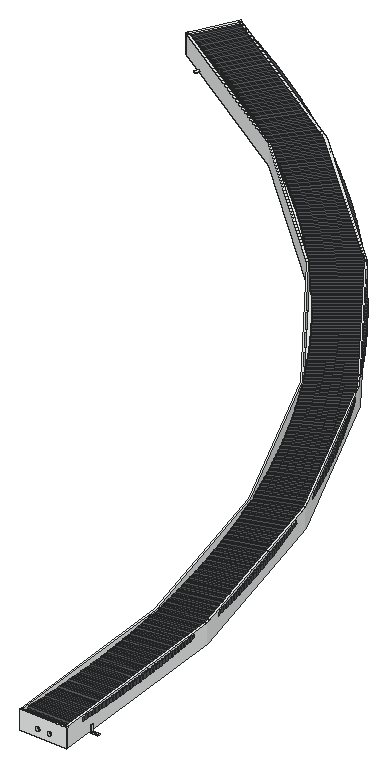
Revit family "Гольфстрим_Радиусный_R", category Оборудование, Revit 2019 (continued)
Nested families
  nested 221: "Ламель конвектора" at (2600.918, 3672.224, -20) x (-0.8151, 0.5794, 0) z (0, 0, 1), l <- "Ширина решетки", Материал <- "Материал решетки", type ""
    with Материал Окраска - RAL 7021, черно-серый, l 186 mm, s 10 mm
  nested 222: "Ламель конвектора" at (2584.916, 3683.505, -20) x (-0.8176, 0.5758, 0) z (0, 0, 1), l <- "Ширина решетки", Материал <- "Материал решетки", type ""
    with Материал Окраска - RAL 7021, черно-серый, l 186 mm, s 10 mm
  nested 223: "Ламель конвектора" at (2568.866, 3694.716, -20) x (-0.8201, 0.5723, 0) z (0, 0, 1), l <- "Ширина решетки", Материал <- "Материал решетки", type ""
    with Материал Окраска - RAL 7021, черно-серый, l 186 mm, s 10 mm
  nested 224: "Ламель конвектора" at (2552.767, 3705.858, -20) x (-0.8225, 0.5687, 0) z (0, 0, 1), l <- "Ширина решетки", Материал <- "Материал решетки", type ""
    with Материал Окраска - RAL 7021, черно-серый, l 186 mm, s 10 mm
  nested 225: "Ламель конвектора" at (2536.619, 3716.929, -20) x (-0.825, 0.5651, 0) z (0, 0, 1), l <- "Ширина решетки", Материал <- "Материал решетки", type ""
    with Материал Окраска - RAL 7021, черно-серый, l 186 mm, s 10 mm
  nested 226: "Ламель конвектора" at (2520.424, 3727.93, -20) x (-0.8275, 0.5615, 0) z (0, 0, 1), l <- "Ширина решетки", Материал <- "Материал решетки", type ""
    with Материал Окраска - RAL 7021, черно-серый, l 186 mm, s 10 mm
  nested 227: "Ламель конвектора" at (2504.181, 3738.861, -20) x (-0.8299, 0.5579, 0) z (0, 0, 1), l <- "Ширина решетки", Материал <- "Материал решетки", type ""
    with Материал Окраска - RAL 7021, черно-серый, l 186 mm, s 10 mm
  nested 228: "Ламель конвектора" at (2487.89, 3749.72, -20) x (-0.8323, 0.5543, 0) z (0, 0, 1), l <- "Ширина решетки", Материал <- "Материал решетки", type ""
    with Материал Окраска - RAL 7021, черно-серый, l 186 mm, s 10 mm
  nested 229: "Ламель конвектора" at (2471.552, 3760.509, -20) x (-0.8347, 0.5507, 0) z (0, 0, 1), l <- "Ширина решетки", Материал <- "Материал решетки", type ""
    with Материал Окраска - RAL 7021, черно-серый, l 186 mm, s 10 mm
  nested 230: "Ламель конвектора" at (2455.168, 3771.227, -20) x (-0.8371, 0.547, 0) z (0, 0, 1), l <- "Ширина решетки", Материал <- "Материал решетки", type ""
    with Материал Окраска - RAL 7021, черно-серый, l 186 mm, s 10 mm
  nested 231: "Ламель конвектора" at (2438.737, 3781.873, -20) x (-0.8395, 0.5434, 0) z (0, 0, 1), l <- "Ширина решетки", Материал <- "Материал решетки", type ""
    with Материал Окраска - RAL 7021, черно-серый, l 186 mm, s 10 mm
  nested 232: "Ламель конвектора" at (2422.26, 3792.447, -20) x (-0.8418, 0.5397, 0) z (0, 0, 1), l <- "Ширина решетки", Материал <- "Материал решетки", type ""
    with Материал Окраска - RAL 7021, черно-серый, l 186 mm, s 10 mm
  nested 233: "Ламель конвектора" at (2405.737, 3802.95, -20) x (-0.8442, 0.5361, 0) z (0, 0, 1), l <- "Ширина решетки", Материал <- "Материал решетки", type ""
    with Материал Окраска - RAL 7021, черно-серый, l 186 mm, s 10 mm
  nested 234: "Ламель конвектора" at (2389.168, 3813.381, -20) x (-0.8465, 0.5324, 0) z (0, 0, 1), l <- "Ширина решетки", Материал <- "Материал решетки", type ""
    with Материал Окраска - RAL 7021, черно-серый, l 186 mm, s 10 mm
  nested 235: "Ламель конвектора" at (2372.555, 3823.74, -20) x (-0.8488, 0.5287, 0) z (0, 0, 1), l <- "Ширина решетки", Материал <- "Материал решетки", type ""
    with Материал Окраска - RAL 7021, черно-серый, l 186 mm, s 10 mm
  nested 236: "Ламель конвектора" at (2355.896, 3834.026, -20) x (-0.8511, 0.525, 0) z (0, 0, 1), l <- "Ширина решетки", Материал <- "Материал решетки", type ""
    with Материал Окраска - RAL 7021, черно-серый, l 186 mm, s 10 mm
  nested 237: "Ламель конвектора" at (2339.193, 3844.239, -20) x (-0.8534, 0.5213, 0) z (0, 0, 1), l <- "Ширина решетки", Материал <- "Материал решетки", type ""
    with Материал Окраска - RAL 7021, черно-серый, l 186 mm, s 10 mm
  nested 238: "Ламель конвектора" at (2322.445, 3854.38, -20) x (-0.8556, 0.5176, 0) z (0, 0, 1), l <- "Ширина решетки", Материал <- "Материал решетки", type ""
    with Материал Окраска - RAL 7021, черно-серый, l 186 mm, s 10 mm
  nested 239: "Ламель конвектора" at (2305.654, 3864.448, -20) x (-0.8579, 0.5138, 0) z (0, 0, 1), l <- "Ширина решетки", Материал <- "Материал решетки", type ""
    with Материал Окраска - RAL 7021, черно-серый, l 186 mm, s 10 mm
  nested 240: "Ламель конвектора" at (2288.819, 3874.443, -20) x (-0.8601, 0.5101, 0) z (0, 0, 1), l <- "Ширина решетки", Материал <- "Материал решетки", type ""
    with Материал Окраска - RAL 7021, черно-серый, l 186 mm, s 10 mm
  nested 241: "Ламель конвектора" at (2271.94, 3884.364, -20) x (-0.8623, 0.5064, 0) z (0, 0, 1), l <- "Ширина решетки", Материал <- "Материал решетки", type ""
    with Материал Окраска - RAL 7021, черно-серый, l 186 mm, s 10 mm
  nested 242: "Ламель конвектора" at (2255.019, 3894.212, -20) x (-0.8645, 0.5026, 0) z (0, 0, 1), l <- "Ширина решетки", Материал <- "Материал решетки", type ""
    with Материал Окраска - RAL 7021, черно-серый, l 186 mm, s 10 mm
  nested 243: "Ламель конвектора" at (2238.055, 3903.987, -20) x (-0.8667, 0.4988, 0) z (0, 0, 1), l <- "Ширина решетки", Материал <- "Материал решетки", type ""
    with Материал Окраска - RAL 7021, черно-серый, l 186 mm, s 10 mm
  nested 244: "Ламель конвектора" at (2221.048, 3913.687, -20) x (-0.8689, 0.4951, 0) z (0, 0, 1), l <- "Ширина решетки", Материал <- "Материал решетки", type ""
    with Материал Окраска - RAL 7021, черно-серый, l 186 mm, s 10 mm
  nested 245: "Ламель конвектора" at (2204, 3923.313, -20) x (-0.871, 0.4913, 0) z (0, 0, 1), l <- "Ширина решетки", Материал <- "Материал решетки", type ""
    with Материал Окраска - RAL 7021, черно-серый, l 186 mm, s 10 mm
  nested 246: "Ламель конвектора" at (2186.91, 3932.865, -20) x (-0.8731, 0.4875, 0) z (0, 0, 1), l <- "Ширина решетки", Материал <- "Материал решетки", type ""
    with Материал Окраска - RAL 7021, черно-серый, l 186 mm, s 10 mm
  nested 247: "Ламель конвектора" at (2169.778, 3942.342, -20) x (-0.8752, 0.4837, 0) z (0, 0, 1), l <- "Ширина решетки", Материал <- "Материал решетки", type ""
    with Материал Окраска - RAL 7021, черно-серый, l 186 mm, s 10 mm
  nested 248: "Ламель конвектора" at (2152.605, 3951.745, -20) x (-0.8773, 0.4799, 0) z (0, 0, 1), l <- "Ширина решетки", Материал <- "Материал решетки", type ""
    with Материал Окраска - RAL 7021, черно-серый, l 186 mm, s 10 mm
  nested 249: "Ламель конвектора" at (2135.392, 3961.073, -20) x (-0.8794, 0.476, 0) z (0, 0, 1), l <- "Ширина решетки", Материал <- "Материал решетки", type ""
    with Материал Окраска - RAL 7021, черно-серый, l 186 mm, s 10 mm
  nested 250: "Ламель конвектора" at (2118.138, 3970.326, -20) x (-0.8815, 0.4722, 0) z (0, 0, 1), l <- "Ширина решетки", Материал <- "Материал решетки", type ""
    with Материал Окраска - RAL 7021, черно-серый, l 186 mm, s 10 mm
  nested 251: "Ламель конвектора" at (2100.844, 3979.504, -20) x (-0.8835, 0.4684, 0) z (0, 0, 1), l <- "Ширина решетки", Материал <- "Материал решетки", type ""
    with Материал Окраска - RAL 7021, черно-серый, l 186 mm, s 10 mm
  nested 252: "Ламель конвектора" at (2083.51, 3988.607, -20) x (-0.8856, 0.4645, 0) z (0, 0, 1), l <- "Ширина решетки", Материал <- "Материал решетки", type ""
    with Материал Окраска - RAL 7021, черно-серый, l 186 mm, s 10 mm
  nested 253: "Ламель конвектора" at (2066.137, 3997.634, -20) x (-0.8876, 0.4607, 0) z (0, 0, 1), l <- "Ширина решетки", Материал <- "Материал решетки", type ""
    with Материал Окраска - RAL 7021, черно-серый, l 186 mm, s 10 mm
  nested 254: "Ламель конвектора" at (2048.725, 4006.585, -20) x (-0.8896, 0.4568, 0) z (0, 0, 1), l <- "Ширина решетки", Материал <- "Материал решетки", type ""
    with Материал Окраска - RAL 7021, черно-серый, l 186 mm, s 10 mm
  nested 255: "Ламель конвектора" at (2031.274, 4015.461, -20) x (-0.8915, 0.4529, 0) z (0, 0, 1), l <- "Ширина решетки", Материал <- "Материал решетки", type ""
    with Материал Окраска - RAL 7021, черно-серый, l 186 mm, s 10 mm
  nested 256: "Ламель конвектора" at (2013.784, 4024.261, -20) x (-0.8935, 0.449, 0) z (0, 0, 1), l <- "Ширина решетки", Материал <- "Материал решетки", type ""
    with Материал Окраска - RAL 7021, черно-серый, l 186 mm, s 10 mm
  nested 257: "Блок питания" at (4525, 15, -50), visible <- "Блок питания", type "Блок питания"
  nested 258: "Блок контролера" at (4475, 15, -50), visible <- "Блок контролера", type "Блок контролера"
Connectors
  piping at (4525, -6, -50), diameter 15, driven by "Номинальный диаметр"
    settings: on Sweep 6, index 1, connector inside diameter 609.6 mm, connector length 0 mm, flow factor 0, pipe flow 0.0 m³/h, pressure drop 0.0 Pa, fitting loss kfactor 0, connector angle 0.00°, fixture units 0, engagement length 0 mm, angle of deflection 0.00°, flow configuration 1, flow direction 1, fitting loss method 0, system type 7, joint type 0, gender type 0, connector reference index 2, connector utility 0, adjustable connector no, is connector primary yes, connector description ""
  piping at (4475, -6, -50), diameter 15, driven by "Номинальный диаметр"
    settings: on Sweep 7, index 2, connector inside diameter 609.6 mm, connector length 0 mm, flow factor 0, pipe flow 0.0 m³/h, pressure drop 0.0 Pa, fitting loss kfactor 0, connector angle 0.00°, fixture units 0, engagement length 0 mm, angle of deflection 0.00°, flow configuration 1, flow direction 2, fitting loss method 0, system type 8, joint type 0, gender type 0, connector reference index 1, connector utility 0, adjustable connector no, is connector primary no, connector description ""
Definition of nested family "Ламель конвектора"
  Parameters (values of type "Ламель конвектора")
    Default Elevation = 5 mm
    Материал [instance] = none
    s = 20 mm
    l [instance] = 232 mm
    h = 17 mm
  Reference planes
    plane 1 "По центру (Вперед/Назад)": y = 0
    plane 2: z = 0
    plane 3 "По центру (Влево/Вправо)": x = 0
    plane 4: x = -10
    plane 5: x = 10
    plane 6: y = 116
    plane 7: y = -116
    plane 8 "1": z = 17
  Forms (mm)
    Extrusion 1, solid
      sketch origin (0, 0, 0) x (1, 0, 0) y (0, 1, 0)
        loop
          line (-1219.2, 1219.2) -> (-1219.2, -1219.2) -> (1219.2, -1219.2) -> (1219.2, 1219.2) -> (-1219.2, 1219.2)
      from 0 to -304.8
    Extrusion 2, solid, material <- "Материал", detail levels fine
      sketch origin (0, 0, 0) x (1, 0, 0) y (0, 1, 0)
        loop
          line (10, 116) -> (-10, 116) -> (-10, -116) -> (10, -116) -> (10, 116)
      from 0 to 17 <- "h"
  Lines and regions (mm)
    model lines, detail levels coarse+medium
      curve 1: line (0, -116, 17) -> (0, 116, 17)
  Dimensions and locks
    equal spacing: plane 6, plane 1 "По центру (Вперед/Назад)", plane 7
    equal spacing: plane 4, plane 3 "По центру (Влево/Вправо)", plane 5
    "s": plane 4 to plane 5
    "l": plane 6 to plane 7
    "h": plane 8 "1" to plane 2
    aligned and locked: plane 2 to Extrusion 1
    aligned and locked: level to Extrusion 1
    aligned and locked: Extrusion 2 sketch curve to plane 5
    aligned and locked: Extrusion 2 sketch curve to plane 4
    aligned and locked: Extrusion 2 sketch curve to plane 7
    aligned and locked: Extrusion 2 sketch curve to plane 6
    aligned and locked: plane 6 to curve 1
    aligned and locked: plane 7 to curve 1
    aligned and locked: plane 3 "По центру (Влево/Вправо)" to curve 1
  Automatic sketch dimensions
    Extrusion 1 sketch curve to Extrusion 1 sketch curve = 2438.4 mm  (x2)
Definition of nested family "Блок питания"
  Parameters (values of type "Блок питания")
    Высота = 10 mm
    ADSK_Наименование краткое = ""
    ADSK_Наименование = "Блок питания"  # constant formula
    ADSK_Масса = 0
    ADSK_Марка = ""
    ADSK_Код изделия = ""
    ADSK_Завод-изготовитель = ""
  Reference planes
    plane 1 "По центру (Вперед/Назад)": y = 0
    plane 2: z = 0
    plane 3 "По центру (Влево/Вправо)": x = 0
  Forms (mm)
    Extrusion 1, solid
      sketch origin (0, 0, 0) x (1, 0, 0) y (0, 1, 0)
        loop
          circle (0, 0) r 5
      from 0 to 10 <- "Высота"
  Dimensions and locks
    aligned and locked: level to plane 2
Definition of nested family "Блок контролера"
  Parameters (values of type "Блок контролера")
    Высота = 10 mm
    ADSK_Наименование краткое = ""
    ADSK_Наименование = "Блок контроллера"  # constant formula
    ADSK_Марка = ""
    ADSK_Код изделия = ""
    ADSK_Завод-изготовитель = ""
  Reference planes
    plane 1 "По центру (Вперед/Назад)": y = 0
    plane 2: z = 0
    plane 3 "По центру (Влево/Вправо)": x = 0
  Forms (mm)
    Extrusion 1, solid
      sketch origin (0, 0, 0) x (1, 0, 0) y (0, 1, 0)
        loop
          circle (0, 0) r 5
      from 0 to 10 <- "Высота"
  Dimensions and locks
    aligned and locked: level to plane 2
Definition of nested family "УГО"
  Parameters (values of type "УГО")
    Ширина = 139 mm
    Угол = 23.00°
    r2 = r - Ширина / 2  # 5180.5 mm
    r1 = r + Ширина / 2  # 5319.5 mm
    r = 5250 mm
  Reference planes
    plane 1 "По центру (Вперед/Назад)": y = 0
    plane 2: z = 0
    plane 3 "По центру (Влево/Вправо)": x = 0
  Lines and regions (mm)
    Filled region 1, type "Сплошная заливка - Черный", in view "Опорный уровень"
      outline origin (0, 0, 0) x (1, 0, 0) y (0, 1, 0)
        loop
          line (4896.626, 2078.494) -> (4768.675, 2024.183)
          arc (4768.675, 2024.183) -> (5076.5, 1032.826) -> (5180.5, 0) r 5180.5
          line (5180.5, 0) -> (5319.5, 0)
          arc (5319.5, 0) -> (5212.709, 1060.538) -> (4896.626, 2078.494) r 5319.5
    reference lines, in view "Опорный уровень"
      curve 1: line (0, 0, 0) -> (4832.65, 2051.338, 0)
      curve 2: arc (5250, 0, 0) -> (5144.605, 1046.682, 0) -> (4832.65, 2051.338, 0) r 5250
  Dimensions and locks
    "r2": radius of Filled region 1 sketch curve
    "r1": radius of Filled region 1 sketch curve
    "r": radius of curve 2
    "Угол": angle plane 1 "По центру (Вперед/Назад)" to curve 1
    aligned and locked: plane 1 "По центру (Вперед/Назад)" to curve 2  (x2)
    aligned and locked: plane 3 "По центру (Влево/Вправо)" to curve 2
    aligned and locked: plane 1 "По центру (Вперед/Назад)" to Filled region 1 sketch curve  (x3)
    aligned and locked: plane 3 "По центру (Влево/Вправо)" to Filled region 1 sketch curve  (x2)
    aligned and locked: curve 1 to Filled region 1 sketch curve
    aligned and locked: plane 1 "По центру (Вперед/Назад)" to curve 1
    aligned and locked: plane 3 "По центру (Влево/Вправо)" to curve 1
